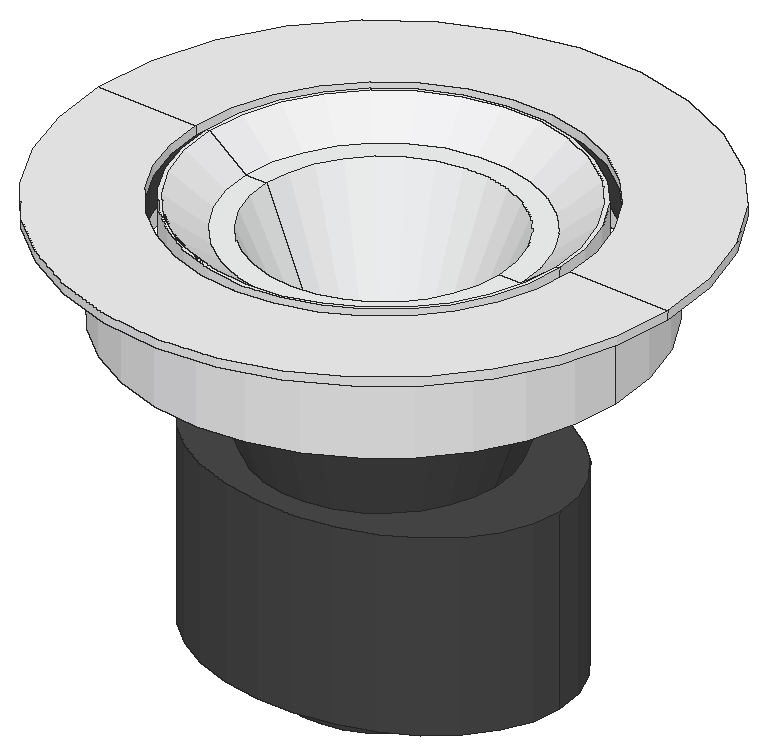
Revit family "2070021", category Lighting Fixtures, host Face, Revit 2018
Family settings
  Host = Face
  Round Connector Dimension = Use Diameter
  Part Type = Normal
  OmniClass Number = 23.80.70.11.17
  OmniClass Title = Specialized Lighting by Location or Use
  Cut with Voids When Loaded = No
  Light Source = No
  Shared = No
  Room Calculation Point = No
Parameters (values of type "EXPOSPOT 70 ADJ 90 4K WB WHT")
  Weight = 0.52 kg  # constant formula
  Total Power Consumption = 20.9996 W
  Reflector Material = Aluminum_Sylvania_Expospot_Polished
  Radius = Diameter / 2  # 68.5 mm
  Product Code = "0060248"
  Photometric Web File = IES_Expospot_70_Adjustable : 0060248
  Photobiological Risk Group = "RG1"  # constant formula
  Nominal Frequency = "50/60Hz"  # constant formula
  Mounting Outer Radius = Head Radius + 3.0 mm  # 45.5 mm
  Max. Luminaires per 20A C Breaker = "70"  # constant formula
  Max. Luminaires per 20A B Breaker = "42"  # constant formula
  Max. Luminaires per 16A C Breaker = "51"  # constant formula
  Max. Luminaires per 16A B Breaker = "31"  # constant formula
  Max. Luminaires per 13A C Breaker = "41"  # constant formula
  Max. Luminaires per 13A B Breaker = "25"  # constant formula
  Max. Luminaires per 10A C Breaker = "31"  # constant formula
  Max. Luminaires per 10A B Breaker = "19"  # constant formula
  Light Loss Factor = 1  # constant formula
  Lamp Power Factor = 0.9  # constant formula
  LOR = "100%"  # constant formula
  Keynote = ""
  Inrush Duration = "139µs"  # constant formula
  Inrush Current = 28 A  # constant formula
  Initial Intensity = 1988 lm
  Initial Color = 4000 K
  IP Rating = "IP20"  # constant formula
  IK Rating = "IK02"  # constant formula
  Height = 103.0 mm  # constant formula
  Voltage Comments = "220-240V~"  # constant formula
  Voltage = 240 V  # constant formula
  URL = "http://www.sylvania-lighting.com/product/en-int/category/interior-lighting/accent-downlights/families/expospot-led/expospot-70-adjustable"
  Product Page URL = "http://www.sylvania-lighting.com/product/en-int/products/0060248"
  Product Family = "EXPOSPOT 70 ADJUSTABLE"  # constant formula
  Head Radius = Radius - 26.0 mm  # 42.5 mm
  Head Diameter = Head Radius * 2  # 85.0 mm
  Head Angle [instance] = 0°
  Glow Wire Test = 850 °C  # constant formula
  Electrical Protection = "Class II"  # constant formula
  Drive Current = "500mA"  # constant formula
  Dimmable = "N"  # constant formula
  Diffuser Material = Acrylic_Sylvania_Expospot_4000K
  Diameter = 137.0 mm  # constant formula
  Cutout Diameter = Diameter - 11.0 mm  # 126.0 mm
  Created by URL = "http://all1studio.com/"
  Created by = "All 1 Studio Ltd. "  # constant formula
  Control Gear Type = "Electronic"  # constant formula
  Control Gear Required = "No"  # constant formula
  Control Gear Mounting = "Remote"  # constant formula
  Colour Variation Initial = "3SDCM"  # constant formula
  built-in parameter 1114216 [instance] = 1 (stored number, unit not read)
  Model = "EXPOSPOT 70 ADJ 90 4K WB WHT"
  Manufacturer = "Feilo Sylvania"  # constant formula
  Lamp = "LED"  # constant formula
  CRI = "90Ra"
  Body Material = Aluminum_Sylvania_Expospot_White
  Description = "Specifically designed for Retail and Display applications. I.e. Supermarkets Fashion Retail Department stores. Build around a 70mm reflector and lens combination."  # constant formula
  Default Elevation = 0.0 mm
  built-in parameter 1140040 [instance] = 1
  Beam Angle = 52°
  Average Life = "50 000h"  # constant formula
  Assembly Code = "D5020200"
  Apparent Load Comments = ""
  Apparent Load = 20.9996 VA
  Body Secondary Material = Plastic_Sylvania_Expospot_Black
Types (12, lengths in mm): name | Product Code | Photometric Web File | Keynote | Initial Intensity | Initial Color | URL | Product Page URL | Diffuser Material | Model | CRI | Beam Angle | Apparent Load
  EXPOSPOT 70 ADJ 90 4K WB WHT | "0060248" | IES_Expospot_70_Adjustable : 0060248 | "" | 1988 lm | 4000 K | "http://www.sylvania-lighting.com/product/en-int/category/interior-lighting/accent-downlights/families/expospot-led/expospot-70-adjustable" | "http://www.sylvania-lighting.com/product/en-int/products/0060248" | Acrylic_Sylvania_Expospot_4000K | "EXPOSPOT 70 ADJ 90 4K WB WHT" | "90Ra" | 52° | 20.9996 VA
  EXPOSPOT 70 ADJ 90 4K MB WHT | "0060247" | IES_Expospot_70_Adjustable : 0060247 | "" | 1964 lm | 4000 K | "http://www.sylvania-lighting.com/product/en-int/category/interior-lighting/accent-downlights/families/expospot-led/expospot-70-adjustable" | "http://www.sylvania-lighting.com/product/en-int/products/0060247" | Acrylic_Sylvania_Expospot_4000K | "EXPOSPOT 70 ADJ 90 4K MB WHT" | "90Ra" | 42° | 20.9996 VA
  EXPOSPOT 70 ADJ 90 4K NB WHT | "0060246" | IES_Expospot_70_Adjustable : 0060246 | "" | 1751 lm | 4000 K | "http://www.sylvania-lighting.com/product/en-int/category/interior-lighting/accent-downlights/families/expospot-led/expospot-70-adjustable" | "http://www.sylvania-lighting.com/product/en-int/products/0060246" | Acrylic_Sylvania_Expospot_4000K | "EXPOSPOT 70 ADJ 90 4K NB WHT" | "90Ra" | 24° | 20.9996 VA
  EXPOSPOT 70 ADJ 90 3K WB WHT | "0060245" | IES_Expospot_70_Adjustable : 0060245 | "" | 1815 lm | 3000 K | "http://www.sylvania-lighting.com/product/en-int/category/interior-lighting/accent-downlights/families/expospot-led/expospot-70-adjustable" | "http://www.sylvania-lighting.com/product/en-int/products/0060245" | Acrylic_Sylvania_Expospot_3000K | "EXPOSPOT 70 ADJ 90 3K WB WHT" | "90Ra" | 53° | 20.9996 VA
  EXPOSPOT 70 ADJ 90 3K MB WHT | "0060244" | IES_Expospot_70_Adjustable : 0060244 | "" | 1793 lm | 3000 K | "http://www.sylvania-lighting.com/product/en-int/category/interior-lighting/accent-downlights/families/expospot-led/expospot-70-adjustable" | "http://www.sylvania-lighting.com/product/en-int/products/0060244" | Acrylic_Sylvania_Expospot_3000K | "EXPOSPOT 70 ADJ 90 3K MB WHT" | "90Ra" | 42° | 20.9996 VA
  EXPOSPOT 70 ADJ 90 3K NB WHT | "0060243" | IES_Expospot_70_Adjustable : 0060243 | "" | 1769 lm | 3000 K | "http://www.sylvania-lighting.com/product/en-int/category/interior-lighting/accent-downlights/families/expospot-led/expospot-70-adjustable" | "http://www.sylvania-lighting.com/product/en-int/products/0060243" | Acrylic_Sylvania_Expospot_3000K | "EXPOSPOT 70 ADJ 90 3K NB WHT" | "90Ra" | 25° | 20.9996 VA
  EXPOSPOT 70 ADJ 80 4K WB WHT | "0060242" | IES_Expospot_70_Adjustable : 0060242 | "" | 1987 lm | 4000 K | "http://www.sylvania-lighting.com/product/en-int/category/interior-lighting/accent-downlights/families/expospot-led/expospot-70-adjustable" | "http://www.sylvania-lighting.com/product/en-int/products/0060242" | Acrylic_Sylvania_Expospot_4000K | "EXPOSPOT 70 ADJ 80 4K WB WHT" | "80Ra" | 54° | 20.9996 VA
  EXPOSPOT 70 ADJ 80 4K MB WHT | "0060241" | IES_Expospot_70_Adjustable : 0060241 | "" | 2224 lm | 4000 K | "http://www.sylvania-lighting.com/product/en-int/category/interior-lighting/accent-downlights/families/expospot-led/expospot-70-adjustable" | "http://www.sylvania-lighting.com/product/en-int/products/0060241" | Acrylic_Sylvania_Expospot_4000K | "EXPOSPOT 70 ADJ 80 4K MB WHT" | "80Ra" | 42° | 20.9996 VA
  EXPOSPOT 70 ADJ 80 4K NB WHT | "0060240" | IES_Expospot_70_Adjustable : 0060240 | "" | 2201 lm | 4000 K | "http://www.sylvania-lighting.com/product/en-int/category/interior-lighting/accent-downlights/families/expospot-led/expospot-70-adjustable" | "http://www.sylvania-lighting.com/product/en-int/products/0060240" | Acrylic_Sylvania_Expospot_4000K | "EXPOSPOT 70 ADJ 80 4K NB WHT" | "80Ra" | 25° | 20.9996 VA
  EXPOSPOT 70 ADJ 80 3K WB WHT | "0060239" | IES_Expospot_70_Adjustable : 0060239 | "" | 2082 lm | 3000 K | "http://www.sylvania-lighting.com/product/en-int/category/interior-lighting/accent-downlights/families/expospot-led/expospot-70-adjustable" | "http://www.sylvania-lighting.com/product/en-int/products/0060239" | Acrylic_Sylvania_Expospot_3000K | "EXPOSPOT 70 ADJ 80 3K WB WHT" | "80Ra" | 54° | 20.9996 VA
  EXPOSPOT 70 ADJ 80 3K NB WHT | "0060237" | IES_Expospot_70_Adjustable : 0060237 | "" | 2149 lm | 3000 K | "http://www.sylvania-lighting.com/product/en-int/category/interior-lighting/accent-downlights/families/expospot-led/expospot-70-adjustable" | "http://www.sylvania-lighting.com/product/en-int/products/0060237" | Acrylic_Sylvania_Expospot_3000K | "EXPOSPOT 70 ADJ 80 3K NB WHT" | "80Ra" | 43° | 20.9996 VA
  2070021 EXPOSPOT 70 ADJ RA90 3000K NB WHITE | "0060238" | IES_Expospot_70_Adjustable : 0060243 | "n/a" | 2152 lm | 3000 K | "0.9" | "http://www.sylvania-lighting.com/product/en-int/products/0060238" | Acrylic_Sylvania_Expospot_3000K | "EXPOSPOT 70 ADJUSTABLE RA90 3000K NB WHITE" | "80Ra" | 43° | 21 VA
Reference planes
  plane 1 "Center (Front/Back)": y = 0
  plane 2: z = 0
  plane 3 "Center (Left/Right)": x = -7.423
  plane 4: z = 2
  plane 5: z = -22.5
  plane 6: x = -75.923
  plane 7: z = -5
Forms (mm)
  Revolve 1, solid, material "Aluminum_Sylvania_Expospot_White" <- "Body Material", detail levels fine
    sketch origin (0, 0, 0) x (1, 0, 0) y (0, 0, 1)
      loop
        line (-75.923, 2) -> (-75.923, 0) -> (-63.423, 0) -> (-63.423, -22.5) -> (-61.423, -22.5) -> (-61.423, 0) -> (-52.423, 0) -> (-52.423, 2) -> (-75.923, 2)
      axis (-7.423, 2) -> (-7.423, -22.5)
    angle from 0 to 360
  Revolve 2, solid, material "Plastic_Sylvania_Expospot_Black" <- "Body Secondary Material", detail levels fine
    sketch origin (0, 0, 0) x (1, 0, 0) y (0, 0, 1)
      loop
        line (-61.423, 0) -> (-61.423, -1.5) -> (-54.423, -1.5) -> (-54.423, -8.5) -> (-52.923, -8.5) -> (-52.923, 0) -> (-61.423, 0)
      axis (-7.423, 0) -> (-7.423, -8.5)
    angle from 0 to 360
  Extrusion 3, void
    sketch origin (0, 0, 0) x (1, 0, 0) y (0, 1, 0)
      loop
        circle (-7.423, 0) r 63
    from -116.997 to 69.443
  Extrusion 4, solid, material "Aluminum_Sylvania_Expospot_White" <- "Body Material", detail levels fine
    sketch origin (-7.423, 0, 0) x (0, 1, 0) y (0, 0, 1)
      loop
        circle (0, -5) r 3.5
    from 42.5 <- "Head Radius" to 45.5 <- "Mounting Outer Radius"
  Extrusion 5, solid, material "Aluminum_Sylvania_Expospot_White" <- "Body Material", detail levels fine
    sketch origin (-7.423, 0, 0) x (0, 1, 0) y (0, 0, -1)
      loop
        circle (0, 5) r 3.5
    from 42.5 <- "Head Radius" to 45.5 <- "Mounting Outer Radius"
  Revolve 6, solid, material "Aluminum_Sylvania_Expospot_White" <- "Body Material", detail levels coarse+medium
    sketch origin (0, 0, 0) x (1, 0, 0) y (0, 0, 1)
      loop
        line (-75.923, 2) -> (-75.923, 0) -> (-63.423, 0) -> (-63.423, -22.5) -> (-61.423, -22.5) -> (-61.423, -8.5) -> (-52.423, -8.5) -> (-52.423, 2) -> (-75.923, 2)
      axis (-7.423, 2) -> (-7.423, -22.5)
    angle from 0 to 360
Lines and regions (mm)
  Masking region 1
    outline origin (0, 0, 0) x (1, 0, 0) y (0, 1, 0)
      loop
        circle (-7.423, 0) r 68.5
  reference lines
    curve 1: line (-7.423, 0, -5) -> (-7.423, 0, -60)
  symbolic lines, detail levels fine
    curve 2: arc (-52.423, 0, 0) -> (-7.423, 45, 0) -> (37.577, 0, 0) r 45
    curve 3: arc (37.577, 0, 0) -> (-7.423, -45, 0) -> (-52.423, 0, 0) r 45
Dimensions and locks
  plane 4 to plane 2 to plane 7 to plane 5 = 2.0 mm locked, 5.0 mm locked, 17.5 mm locked
  "Radius": plane 6 to plane 3 "Center (Left/Right)"
  "Cutout Diameter": diameter of Extrusion 3 sketch curve
  "Head Angle": angle plane 1 "Center (Front/Back)" to curve 1
  aligned and locked: host face to plane 2
  aligned and locked: host face to level
  aligned and locked: plane 6 to Revolve 1 sketch curve
  aligned and locked: Revolve 1 sketch curve to plane 3 "Center (Left/Right)"
  aligned and locked: plane 1 "Center (Front/Back)" to curve 1
  aligned and locked: plane 7 to curve 1
  aligned and locked: plane 6 to Revolve 6 sketch curve
Automatic sketch dimensions
  host sketch curve to host sketch curve = 1412.252 mm
  host sketch curve to host sketch curve = 1359.6 mm
  Revolve 1 sketch curve to level = 0.0 mm  (x2)
  Revolve 1 sketch curve to plane 5 = 0.0 mm
  Revolve 1 sketch curve to plane 4 = 0.0 mm
  Revolve 1 sketch curve to Revolve 1 sketch curve = 12.5 mm
  Revolve 1 sketch curve to Revolve 1 sketch curve = 2.0 mm
  Revolve 1 sketch curve to Revolve 1 sketch curve = 9.0 mm
  Revolve 1 sketch curve to plane 5 = 349.774 mm
  plane 4 to Revolve 1 sketch curve = 1145.706 mm
  Revolve 2 sketch curve to level = 0.0 mm
  Revolve 2 sketch curve to plane 3 "Center (Left/Right)" = 0.0 mm
  Revolve 2 sketch curve to plane 6 = 23.0 mm
  Revolve 2 sketch curve to Revolve 2 sketch curve = 1.5 mm
  Revolve 2 sketch curve to level = 1.5 mm
  Revolve 2 sketch curve to Revolve 2 sketch curve = 7.0 mm
  Revolve 2 sketch curve to plane 7 = 3.5 mm
  Revolve 2 sketch curve to plane 5 = 349.774 mm
  plane 4 to Revolve 2 sketch curve = 1145.706 mm
  plane 1 "Center (Front/Back)" to Extrusion 3 sketch curve = 0.0 mm
  Extrusion 3 sketch curve to plane 3 "Center (Left/Right)" = 0.0 mm
  Extrusion 4 sketch curve to plane 1 "Center (Front/Back)" = 0.0 mm
  Extrusion 4 sketch curve to plane 7 = 0.0 mm
  Extrusion 5 sketch curve to plane 1 "Center (Front/Back)" = 0.0 mm
  Extrusion 5 sketch curve to plane 7 = 0.0 mm
  Revolve 6 sketch curve to level = 0.0 mm
  Revolve 6 sketch curve to plane 5 = 0.0 mm
  Revolve 6 sketch curve to plane 4 = 0.0 mm
  Revolve 6 sketch curve to plane 3 "Center (Left/Right)" = 0.0 mm
  Revolve 6 sketch curve to plane 6 = 12.5 mm
  Revolve 6 sketch curve to plane 7 = 3.5 mm
  Revolve 6 sketch curve to Revolve 6 sketch curve = 9.0 mm
  Revolve 6 sketch curve to plane 5 = 349.774 mm
  plane 4 to Revolve 6 sketch curve = 1145.706 mm
  Revolve 6 sketch curve to Revolve 6 sketch curve = 2.0 mm
  Masking region 1 sketch curve to Masking region 1 sketch curve = 0.0 mm  (x2)
  plane 1 "Center (Front/Back)" to Masking region 1 sketch curve = 0.0 mm
  Masking region 1 sketch curve to plane 6 = 0.0 mm
  Masking region 1 sketch curve to plane 3 "Center (Left/Right)" = 0.0 mm
  curve 2 to curve 3 = 0.0 mm  (x2)
  plane 1 "Center (Front/Back)" to curve 2 = 0.0 mm
  curve 3 to plane 3 "Center (Left/Right)" = 0.0 mm
  curve 3 to plane 6 = 23.5 mm
  radius of Extrusion 4 sketch curve = 3.5 mm
  radius of Extrusion 5 sketch curve = 3.5 mm
Nested families
  nested 1: "Head_Expospot 70" at (-7.423, 0, 2), type "Head_Expospot 70"
  nested 2: "IES_Expospot_70_Adjustable" at (-7.423, 0, 2), type <- "Photometric Web File", type "0060248"
Connectors
  electrical at (-7.423, 0, -101), driven by "Voltage", driven by "Apparent Load", driven by "Lamp Power Factor"
    settings: on nested 1, index 1, voltage 240 V, apparent load 0 VA, apparent load phase1 20.9996 VA, apparent load phase2 0 VA, apparent load phase3 0 VA, power factor 0.9, load classification "Lighting", number of poles 1, system type 31, power factor state 1, is connector primary yes, connector utility no, sub classification motor no, connector description ""
Definition of nested family "Head_Expospot 70"
  Parameters (values of type "Head_Expospot 70")
    Reflector Material = none
    Radius = 42.5 mm
    Height = 103.0 mm
    Diffuser Material = none
    Default Elevation = 0.0 mm
    Cooling Y Axis = Radius - 10.0 mm  # 32.5 mm
    Cooling X Axis = Radius  # 42.5 mm
    Body Secondary Material = none
    Body Material = none
  Reference planes
    plane 1 "Center (Front/Back)": y = 0
    plane 2: z = 0
    plane 3 "Center (Left/Right)": x = 0
    plane 4: z = -47.5
    plane 5: z = -6.5
    plane 6 "Fixture Radius": x = -42.5
    plane 7: z = -52.5
    plane 8: z = -95
    plane 9: z = -103
    plane 10: z = -28
    plane 11 "Diffuser Radius": x = -10.5
  Forms (mm)
    Revolve 1, solid, material <- "Body Material", detail levels fine
      sketch origin (0, 0, 0) x (1, 0, 0) y (0, 0, 1)
        loop
          line (-42.5, 0) -> (-42.5, -28) -> (-40.5, -28) -> (-40.5, -3.393) -> (-36.342, -6.5) -> (-33, -6.5) -> (-41.7, 0) -> (-42.5, 0)
        axis (0, 0) -> (0, -28)
      angle from 0 to 360
    Revolve 2, solid, material <- "Reflector Material", detail levels fine
      sketch origin (0, 0, 0) x (1, 0, 0) y (0, 0, 1)
        loop
          line (-35, -6.5) -> (-35, -8.5) -> (-29.321, -8.5) -> (-12.675, -47.5) -> (-10.5, -47.5) -> (-28, -6.5) -> (-35, -6.5)
        axis (0, -6.5) -> (0, -47.5)
      angle from 0 to 360
    Revolve 3, solid, material <- "Body Secondary Material", detail levels fine
      sketch origin (0, 0, 0) x (1, 0, 0) y (0, 0, 1)
        loop
          line (-40.5, -17.5) -> (-40.5, -28) -> (-36.5, -28) -> (-27.095, -52.5) -> (0, -52.5) -> (0, -51.5) -> (-10.5, -51.5) -> (-10.5, -47.5) -> (-27.944, -47.5) -> (-35.813, -27) -> (-39.5, -27) -> (-39.5, -17.5) -> (-40.5, -17.5)
        axis (0, -17.5) -> (0, -52.5)
      angle from 0 to 360
    Revolve 4, solid, material <- "Body Secondary Material", detail levels fine
      sketch origin (0, 0, 0) x (1, 0, 0) y (0, 0, 1)
        loop
          line (-23.5, -95) -> (-23.5, -97) -> (-21.5, -103) -> (0, -103) -> (0, -95) -> (-23.5, -95)
        axis (0, -95) -> (0, -103)
      angle from 0 to 360
    Extrusion 5, solid, material <- "Body Secondary Material", detail levels fine
      sketch origin (0, 0, 0) x (1, 0, 0) y (0, 1, 0)
        loop
          spline (42.5, 0) -> (41.052, 8.412) -> (36.806, 16.25) -> (30.052, 22.981) -> (21.25, 28.146) -> (11, 31.393) -> (0, 32.5) -> (-11, 31.393) -> (-21.25, 28.146) -> (-30.052, 22.981) -> (-36.806, 16.25) -> (-41.052, 8.412) -> (-42.5, 0)
          spline (-42.5, 0) -> (-41.052, -8.412) -> (-36.806, -16.25) -> (-30.052, -22.981) -> (-21.25, -28.146) -> (-11, -31.393) -> (0, -32.5) -> (11, -31.393) -> (21.25, -28.146) -> (30.052, -22.981) -> (36.806, -16.25) -> (41.052, -8.412) -> (42.5, 0)
      from -95 to -52.5
    Extrusion 6, solid, material <- "Body Material", detail levels coarse+medium
      sketch origin (0, 0, 0) x (1, 0, 0) y (0, 1, 0)
        loop
          circle (0, 0) r 42.5
      from -103 to 0
    Revolve 7, solid, material <- "Diffuser Material", detail levels fine
      sketch origin (0, 0, 0) x (1, 0, 0) y (0, 0, 1)
        loop
          line (-10.5, -47.5) -> (-10.5, -51.5) -> (0, -51.5) -> (0, -47.5) -> (-10.5, -47.5)
        axis (0, -47.5) -> (0, -51.5)
      angle from 0 to 360
  Dimensions and locks
    "Radius": plane 3 "Center (Left/Right)" to plane 6 "Fixture Radius"
    locked: Revolve 4 sketch curve to plane 6 "Fixture Radius" at 19
    "Cooling Y Axis": plane 1 "Center (Front/Back)" to Extrusion 5 sketch curve
    "Cooling X Axis": Extrusion 5 sketch curve to plane 3 "Center (Left/Right)"
    locked: plane 11 "Diffuser Radius" to plane 6 "Fixture Radius" at 32
    plane 2 to plane 5 to plane 10 to plane 4 to plane 7 = 6.5 mm locked, 21.5 mm locked, 19.5 mm locked, 5.0 mm locked
    locked: plane 8 to plane 9 at 8
    "Height": plane 2 to plane 9
    "Radius": radius of Extrusion 6 sketch curve
    aligned and locked: level to plane 2
    aligned and locked: Revolve 1 sketch curve to plane 6 "Fixture Radius"
    aligned and locked: Extrusion 5 to plane 8
    aligned and locked: plane 7 to Extrusion 5
    aligned and locked: Extrusion 6 to plane 9
    aligned and locked: plane 2 to Extrusion 6
    aligned and locked: Revolve 1 sketch curve to plane 10
    aligned and locked: plane 11 "Diffuser Radius" to Revolve 7 sketch curve
    aligned and locked: plane 11 "Diffuser Radius" to Revolve 3 sketch curve
  Automatic sketch dimensions
    Revolve 4 sketch curve to plane 8 = 0.0 mm
    Revolve 4 sketch curve to plane 9 = 0.0 mm
    Revolve 4 sketch curve to plane 3 "Center (Left/Right)" = 0.0 mm  (x2)
    Revolve 4 sketch curve to plane 8 = 2.0 mm
    Revolve 4 sketch curve to Revolve 4 sketch curve = 2.0 mm
    Revolve 4 sketch curve to plane 9 = 265.545 mm
    level to Revolve 4 sketch curve = 2214.315 mm
    Revolve 1 sketch curve to level = 0.0 mm
    Revolve 1 sketch curve to plane 5 = 0.0 mm
    Revolve 1 sketch curve to plane 3 "Center (Left/Right)" = 0.0 mm
    Revolve 1 sketch curve to Revolve 1 sketch curve = 0.8 mm
    plane 6 "Fixture Radius" to Revolve 1 sketch curve = 2.0 mm
    plane 5 to Revolve 1 sketch curve = 3.107 mm
    Revolve 1 sketch curve to Revolve 1 sketch curve = 3.342 mm
    Revolve 1 sketch curve to Revolve 1 sketch curve = 7.5 mm
    Revolve 1 sketch curve to plane 9 = 288.545 mm
    level to Revolve 1 sketch curve = 2214.315 mm
    Revolve 7 sketch curve to plane 3 "Center (Left/Right)" = 0.0 mm  (x2)
    Revolve 7 sketch curve to plane 4 = 0.0 mm
    plane 7 to Revolve 7 sketch curve = 1.0 mm
    Revolve 3 sketch curve to plane 10 = 0.0 mm
    Revolve 3 sketch curve to plane 4 = 0.0 mm
    Revolve 3 sketch curve to plane 3 "Center (Left/Right)" = 0.0 mm  (x2)
    Revolve 3 sketch curve to plane 7 = 0.0 mm
    Revolve 3 sketch curve to Revolve 3 sketch curve = 0.848 mm
    plane 10 to Revolve 3 sketch curve = 1.0 mm
    plane 6 "Fixture Radius" to Revolve 3 sketch curve = 6.687 mm
    Revolve 3 sketch curve to Revolve 3 sketch curve = 0.687 mm
    plane 6 "Fixture Radius" to Revolve 3 sketch curve = 3.0 mm
    Revolve 3 sketch curve to Revolve 3 sketch curve = 1.0 mm
    Revolve 3 sketch curve to Revolve 3 sketch curve = 9.5 mm
    Revolve 3 sketch curve to plane 9 = 265.545 mm
    plane 7 to Revolve 3 sketch curve = 1.0 mm
    level to Revolve 3 sketch curve = 2214.315 mm
    plane 6 "Fixture Radius" to Revolve 3 sketch curve = 14.556 mm
    Revolve 7 sketch curve to plane 9 = 265.545 mm
    level to Revolve 7 sketch curve = 2214.315 mm
    Revolve 2 sketch curve to plane 5 = 0.0 mm
    plane 11 "Diffuser Radius" to Revolve 2 sketch curve = 0.0 mm
    Revolve 2 sketch curve to plane 3 "Center (Left/Right)" = 0.0 mm
    Revolve 2 sketch curve to Revolve 2 sketch curve = 7.0 mm
    Revolve 2 sketch curve to plane 9 = 288.545 mm
    level to Revolve 2 sketch curve = 2214.315 mm
    Revolve 2 sketch curve to plane 5 = 2.0 mm
    Revolve 2 sketch curve to plane 4 = 0.0 mm
    plane 11 "Diffuser Radius" to Revolve 2 sketch curve = 2.175 mm
    Revolve 2 sketch curve to Revolve 2 sketch curve = 1.321 mm
    plane 6 "Fixture Radius" to Revolve 2 sketch curve = 14.5 mm
    plane 1 "Center (Front/Back)" to Extrusion 5 sketch curve = 0.0 mm
    Extrusion 5 sketch curve to plane 3 "Center (Left/Right)" = 0.0 mm
    plane 1 "Center (Front/Back)" to Extrusion 6 sketch curve = 0.0 mm
    Extrusion 6 sketch curve to plane 3 "Center (Left/Right)" = 0.0 mm
Definition of nested family "IES_Expospot_70_Adjustable"
  Parameters (values of type "0060237")
    Wattage = 21.0007 W
    built-in parameter 1150110 = 1 (stored number, unit not read)
    Total Power Consumption = 20.9996 W
    built-in parameter 1114217 = 1 (stored number, unit not read)
    Tilt Angle = -90°
    built-in parameter 1150109 = 1 (stored number, unit not read)
    built-in parameter 1150134 = (empty or 0)
    built-in parameter 1150113 = 1 (stored number, unit not read)
    Photometric Web File = "0060237.ies"
    built-in parameter 1150105 = 171.01 (stored number, unit not read)
    Lumens = 2149 lm
    built-in parameter 1150115 = 1 (stored number, unit not read)
    built-in parameter 1150137 = (empty or 0)
    built-in parameter 1150139 = (empty or 0)
    built-in parameter 1150112 = 1 (stored number, unit not read)
    built-in parameter 1150114 = 1 (stored number, unit not read)
    built-in parameter 1150132 = 2
    built-in parameter 1150102 = (empty or 0)
    built-in parameter 1150107 = 3000 (stored number, unit not read)
    built-in parameter 1150138 = (empty or 0)
    built-in parameter 1150106 = 1.7101 (stored number, unit not read)
    Emit from Circle Diameter = 85.0 mm
    Emit Shape Visible in Rendering = no
    built-in parameter 1150104 = 9.5068 (stored number, unit not read)
    Dimming Lamp Color Temperature Shift = (empty or 0)
    Default Elevation = 0.0 mm
    Color Filter = 16777215
    built-in parameter 1114218 = 1 (stored number, unit not read)
    built-in parameter 1150133 = 10 (stored number, unit not read)
    Apparent Load = 20.9996 VA
  Types (12, lengths in mm): name | Wattage | built-in parameter 1150134 | Photometric Web File | built-in parameter 1150105 | Lumens | built-in parameter 1150107 | built-in parameter 1150106 | built-in parameter 1150104
    0060248 | 20.9996 W | 12 | "0060248.ies" | 158.2 (stored number, unit not read) | 1988 lm | 4000 (stored number, unit not read) | 1.582 (stored number, unit not read) | 8.795 (stored number, unit not read)
    0060247 | 20.9996 W | 12 | "0060247.ies" | 156.29 (stored number, unit not read) | 1964 lm | 4000 (stored number, unit not read) | 1.5629 (stored number, unit not read) | 8.6888 (stored number, unit not read)
    0060246 | 20.9996 W | 12 | "0060246.ies" | 139.34 (stored number, unit not read) | 1751 lm | 4000 (stored number, unit not read) | 1.3934 (stored number, unit not read) | 7.7465 (stored number, unit not read)
    0060245 | 20.9996 W | (empty or 0) | "0060245.ies" | 144.43 (stored number, unit not read) | 1815 lm | 3000 (stored number, unit not read) | 1.4443 (stored number, unit not read) | 8.0296 (stored number, unit not read)
    0060244 | 20.9996 W | (empty or 0) | "0060244.ies" | 142.68 (stored number, unit not read) | 1793 lm | 3000 (stored number, unit not read) | 1.4268 (stored number, unit not read) | 7.9323 (stored number, unit not read)
    0060243 | 20.9996 W | (empty or 0) | "0060243.ies" | 140.77 (stored number, unit not read) | 1769 lm | 3000 (stored number, unit not read) | 1.4077 (stored number, unit not read) | 7.8261 (stored number, unit not read)
    0060242 | 20.9996 W | 12 | "0060242.ies" | 158.12 (stored number, unit not read) | 1987 lm | 4000 (stored number, unit not read) | 1.5812 (stored number, unit not read) | 8.7906 (stored number, unit not read)
    0060241 | 20.9996 W | 12 | "0060241.ies" | 176.98 (stored number, unit not read) | 2224 lm | 4000 (stored number, unit not read) | 1.7698 (stored number, unit not read) | 9.8391 (stored number, unit not read)
    0060240 | 20.9996 W | 12 | "0060240.ies" | 175.15 (stored number, unit not read) | 2201 lm | 4000 (stored number, unit not read) | 1.7515 (stored number, unit not read) | 9.7373 (stored number, unit not read)
    0060239 | 20.9996 W | (empty or 0) | "0060239.ies" | 165.68 (stored number, unit not read) | 2082 lm | 3000 (stored number, unit not read) | 1.6568 (stored number, unit not read) | 9.2109 (stored number, unit not read)
    0060238 | 20.9996 W | (empty or 0) | "0060238.ies" | 171.25 (stored number, unit not read) | 2152 lm | 3000 (stored number, unit not read) | 1.7125 (stored number, unit not read) | 9.5206 (stored number, unit not read)
    0060237 | 21.0007 W | (empty or 0) | "0060237.ies" | 171.01 (stored number, unit not read) | 2149 lm | 3000 (stored number, unit not read) | 1.7101 (stored number, unit not read) | 9.5068 (stored number, unit not read)
  Reference planes
    plane 1 "Center (Front/Back)": y = 0
    plane 2: z = 0
    plane 3 "Center (Left/Right)": x = 0
  Dimensions and locks
    aligned and locked: level to plane 2
    aligned and locked: plane 3 "Center (Left/Right)" to imposter light
    aligned and locked: plane 1 "Center (Front/Back)" to imposter light
    aligned and locked: level to imposter light
